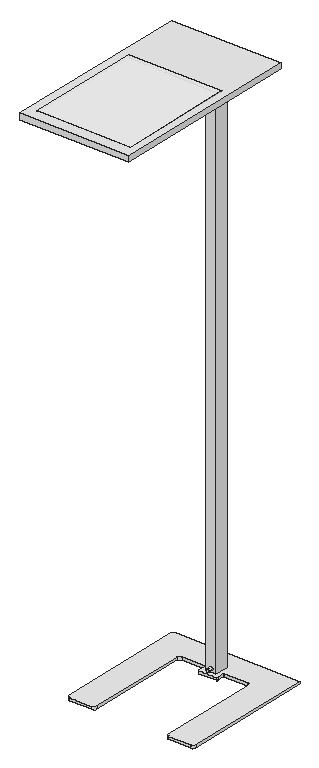
Revit family "0060798 Sylvania Lighting Fixture FREEOFFICE DIRECT INDIRECT 14KLM PIR WHITE EC", category Lighting Fixtures, host Face, Revit 2016
Family settings
  Host = Face
  Part Type = Normal
  Round Connector Dimension = Use Diameter
  OmniClass Number = 23.80.70.11.17
  OmniClass Title = Specialized Lighting by Location or Use
  Cut with Voids When Loaded = No
  Light Source = Yes
  Shared = No
  Room Calculation Point = No
Parameters (values of type "0060798 FREEOFFICE D/I 14 PIR WHITE EC")
  Weight = "22.8 kg"
  Wattage = 107 W
  WarrantyStartDate [instance] = "n/a"
  WarrantyGuarantorParts = "n/a"
  WarrantyDurationUnit = "n/a"
  WarrantyDurationParts = "n/a"
  WarrantyDescription = "n/a"
  built-in parameter 1150110 = 1 (stored number, unit not read)
  Voltage = 230 V
  TypeName = "FREEOFFICE DIRECT/INDIRECT 14KLM PIR WHITE EC"
  built-in parameter 1114217 = 1 (stored number, unit not read)
  Tilt Angle = -90°
  built-in parameter 1150109 = 1 (stored number, unit not read)
  built-in parameter 1150134 = 12
  built-in parameter 1150113 = 1 (stored number, unit not read)
  SerialNumber [instance] = "n/a"
  Radius_FEILO = 165.0 mm
  URL = "http://www.sylvania-lighting.com"
  PowerFactor = 0.98
  PowerConsumption = "107 W"
  Photometric Web File = "0060798.ies"
  PIR_SYL = yes
  NominalWidth = 0.0 mm
  NominalLength = 690.0 mm
  NominalHeight = 2030.0 mm
  Name = "FREEOFFICE DIRECT/INDIRECT 14KLM PIR WHITE EC"
  ModelReference = "FREEOFFICE DIRECT/INDIRECT 14KLM PIR WHITE EC"
  ModelNumber = "0060798"
  Material_3_SYL = Body-Sylvania-FreeOffice-BLK
  Material_2_SYL = Polycarbonate_Sylvania_Sylcircle_Opal
  Material_1_SYL = Body-Sylvania-FreeOffice-WH
  Material = "head and pole : powder coated aluminium. stand: powder coated steel housing, pmma diffuser"
  ManufacturerName = "Feilo Sylvania"
  LuminousEfficacy = "132 lm/W"
  built-in parameter 1150105 = 4275.8 (stored number, unit not read)
  Lumens = 14124 lm
  LuminaireType = ""
  built-in parameter 1150115 = 1 (stored number, unit not read)
  LightOutputRatio = "n/a"
  built-in parameter 1150137 = (empty or 0)
  built-in parameter 1150139 = (empty or 0)
  LampsType = Lamp  # "LED"
  LampNominalLuminous = "14100 lm"
  LampMacAdamStep = "3"
  LampColourTemperature = "4000 K"
  LampColourRenderingIndex = "80"
  built-in parameter 1150112 = 1 (stored number, unit not read)
  built-in parameter 1150114 = 1 (stored number, unit not read)
  Keynote = "16500"
  InstallationDate [instance] = "n/a"
  InputVoltage = "220-240V~"
  InputNominalFrequency = "50/60 Hz"
  built-in parameter 1150132 = (empty or 0)
  built-in parameter 1150102 = (empty or 0)
  built-in parameter 1150107 = 4000 (stored number, unit not read)
  built-in parameter 1150138 = (empty or 0)
  IngressProtection = "IP20"
  ImpactProtectionIndex = "IK02"
  built-in parameter 1150106 = 42.758 (stored number, unit not read)
  IfcExportType = "IfcLightFixtureType"
  IfcExportAs = "IfcLightFixtureType"
  Height_FEILO = 96.0 mm
  ExpectedLife = 50000
  Emit from Rectangle Width = 340.1 mm
  Emit from Rectangle Length = 564.6 mm
  Emit Shape Visible in Rendering = no
  ElectricShockClassification = "Class I"
  built-in parameter 1150104 = 12.263 (stored number, unit not read)
  DurationUnit = "hours"
  DocumentationLiterature = "http://www.sylvania-lighting.com/product/en-int/products/0060798"
  DimmingControlOptions = "Dimmable"
  Dimming Lamp Color Temperature Shift = <None>
  Diameter_FEILO = 2 * Radius_FEILO  # 330.0 mm
  CreatedOn = "12/5/2018"
  CreatedBy = "@sylvania-lighting.com"
  Color Filter = 16777215
  built-in parameter 1114216 [instance] = 1 (stored number, unit not read)
  Model = "FREEOFFICE DIRECT/INDIRECT 14KLM PIR WHITE EC"
  Manufacturer = "Feilo Sylvania"
  Lamp = "LED"
  Description = "FREEOFFICE DIRECT/INDIRECT 14KLM PIR WHITE EC is a highly efficient free-standing floor lamp providing optimal illumination for single and twin workstations. 80% uplight and 20% downlight ratio for ambient and task lighting from a single luminaire. Microprismatic PMMA optics for advanced glare control. White RAL9010 powder coated luminaire body. Aluminium head and pole for high-quality appearance, steel stand for higher stability. Luminaire dimensions: Head: 690x397x25mm, Stand: 480x460x16mm, Pole: 55x35x2030mm. Operated and dimmed with a push button located in the pole at a height suitable to be used with adjustable height desks. Equipped with presence and daylight sensor. Up and downlight dims together. 4000K Neutral White LED, CRI>80, chromaticity tolerance: SDCM<3. Luminous flux: 14100lm. Power consumption 107W. Luminaire efficacy: 132lm/W. Lumen maintenance: L80B50=55000h. UGR<16, Luminance at 65°<3000 cd/m2. IK02, IP20. Photobiological safety risk group 0. Electrical protection: Class I. Glow wire test: 650°C. Supplied with 3m cable with DIN 49441-R2 plug."
  Default Elevation = 0.0 mm
  built-in parameter 1140040 [instance] = 1
  BarCode [instance] = "n/a"
  built-in parameter 1114218 = 1 (stored number, unit not read)
  built-in parameter 1150133 = 10 (stored number, unit not read)
  AssetType = "Fixed"
  AssetIdentifier [instance] = "n/a"
  Assembly Code = "D5020200"
  Apparent Load = 107 VA
Reference planes
  plane 1 "Center (Front/Back)": y = 0
  plane 2: z = 0
  plane 3 "Center (Left/Right)": x = 0
  plane 4: z = 2030
  plane 5: x = 230
  plane 6: x = -230
  plane 7: x = 18
  plane 8: x = -18
  plane 9: x = -198.5
  plane 10: x = 198.5
  plane 11: y = 25
  plane 12: y = -25
  plane 13: y = -390.174
  plane 14: y = 89.826
  plane 15: y = -645
  plane 16: y = 44
  plane 17: z = 9
  plane 18: z = 2010
  plane 19: y = -187.327
  plane 20: y = -603.8
  plane 21: x = -170.03
  plane 22: x = 170.03
  plane 23: y = -39.174
  plane 24: z = 2020
  plane 25: x = 130
  plane 26: x = -130
  plane 27: y = -10.174
  plane 28: x = 34
  plane 29: x = -34
  plane 30: y = -39.174
  plane 31: y = -321.487
  plane 32: z = 21
  plane 33: y = -624.4
  plane 34: z = 2009
Forms (mm)
  Extrusion 1, solid, material "Body-Sylvania-FreeOffice-WH" <- "Material_1_SYL"
    sketch origin (-1380.213, -4572, 2010) x (-1, 0, 0) y (0, -1, 0)
      loop
        line (-1181.713, -3927) -> (-1578.713, -3927) -> (-1578.713, -4616) -> (-1181.713, -4616) -> (-1181.713, -3927)
    from 0 to 20
  Extrusion 2, void
    sketch origin (-1380.213, -4572, 2030) x (0, -1, 0) y (-1, 0, 0)
      loop
        line (-4384.673, -1210.183) -> (-4384.673, -1550.243) -> (-3968.2, -1550.243) -> (-3968.2, -1210.183) -> (-4384.673, -1210.183)
    from 0 to 20
  Extrusion 3, void
    sketch origin (-1380.213, -4572, 2010) x (0, -1, 0) y (-1, 0, 0)
      loop
        line (-3968.2, -1210.183) -> (-4532.826, -1210.183) -> (-4532.826, -1550.243) -> (-3968.2, -1550.243) -> (-3968.2, -1210.183)
    from 0 to -10
  Extrusion 4, solid, material "Body-Sylvania-FreeOffice-WH" <- "Material_1_SYL"
    sketch origin (0, 0, 0) x (1, 0, 0) y (0, 1, 0)
      loop
        line (-230, 79.826) -> (-230, -380.174)
        arc (-230, -380.174) -> (-227.071, -387.245) -> (-220, -390.174) r 10
        line (-220, -390.174) -> (-140, -390.174)
        arc (-140, -390.174) -> (-132.929, -387.245) -> (-130, -380.174) r 10
        line (-130, -380.174) -> (-130, -20.174)
        arc (-130, -20.174) -> (-127.071, -13.103) -> (-120, -10.174) r 10
        line (-120, -10.174) -> (-36, -10.174)
        arc (-36, -10.174) -> (-34.586, -10.76) -> (-34, -12.174) r 2
        line (-34, -12.174) -> (-34, -37.174)
        arc (-34, -37.174) -> (-33.414, -38.588) -> (-32, -39.174) r 2
        line (-32, -39.174) -> (32, -39.174)
        arc (32, -39.174) -> (33.414, -38.588) -> (34, -37.174) r 2
        line (34, -37.174) -> (34, -12.174)
        arc (34, -12.174) -> (34.586, -10.76) -> (36, -10.174) r 2
        line (36, -10.174) -> (120, -10.174)
        arc (120, -10.174) -> (127.071, -13.103) -> (130, -20.174) r 10
        line (130, -20.174) -> (130, -380.174)
        arc (130, -380.174) -> (132.929, -387.245) -> (140, -390.174) r 10
        line (140, -390.174) -> (220, -390.174)
        arc (220, -390.174) -> (227.071, -387.245) -> (230, -380.174) r 10
        line (230, -380.174) -> (230, 89.826) -> (-220, 89.826)
        arc (-220, 89.826) -> (-227.071, 86.897) -> (-230, 79.826) r 10
    from 0 to 9
  Extrusion 5, solid, material "Body-Sylvania-FreeOffice-WH" <- "Material_1_SYL"
    sketch origin (645.563, -4597, 9) x (0, -1, 0) y (-1, 0, 0)
      loop
        line (-4622, 663.563) -> (-4622, 627.563) -> (-4572, 627.563) -> (-4572, 663.563) -> (-4622, 663.563)
    from 0 to -2001
  Extrusion 6, solid, material "Body-Sylvania-FreeOffice-WH" <- "Material_1_SYL"
    sketch origin (747.1, -25, 1219.2) x (1, 0, 0) y (0, 0, 1)
      loop
        circle (-747.1, -1198.2) r 5
    from 0 to 14.174
  Extrusion 7, solid, material "Polycarbonate_Sylvania_Sylcircle_Opal" <- "Material_2_SYL"
    sketch origin (-1380.213, -4572, 2030) x (-1, 0, 0) y (0, -1, 0)
      loop
        line (-1550.243, -3968.2) -> (-1550.243, -4384.673) -> (-1210.183, -4384.673) -> (-1210.183, -3968.2) -> (-1550.243, -3968.2)
    from 0 to -10
  Extrusion 8, solid, material "Polycarbonate_Sylvania_Sylcircle_Opal" <- "Material_2_SYL"
    sketch origin (-1380.213, -4572, 2010) x (-1, 0, 0) y (0, -1, 0)
      loop
        line (-1210.183, -4532.826) -> (-1210.183, -3968.2) -> (-1550.243, -3968.2) -> (-1550.243, -4532.826) -> (-1210.183, -4532.826)
    from 0 to 10
  Revolve 9, solid, material "Body-Sylvania-FreeOffice-BLK" <- "Material_3_SYL", visible <- "PIR_SYL"
    sketch origin (747.1, -624.4, 1219.2) x (1, 0, 0) y (0, 0, 1)
      loop
        line (-757.1, 789.8) -> (-754.426, 789.8)
        arc (-754.426, 789.8) -> (-751.007, 787.781) -> (-747.1, 787.079) r 11.221
        line (-747.1, 787.079) -> (-747.1, 790.8) -> (-757.1, 790.8) -> (-757.1, 789.8)
      axis (-747.1, 790.8) -> (-747.1, 787.079)
    angle from 0 to 360
Cuts and joins
  Extrusion 2, Extrusion 3 cuts Extrusion 1
Lines and regions (mm)
  reference lines
    curve 1: circle (0, 0, 21) r 5 normal (0, -1, 0)
    curve 2: circle (0, -624.4, 2010) r 10 normal (0, 0, 1)
Dimensions and locks
  equal spacing: plane 12, plane 1 "Center (Front/Back)", plane 11
  locked: plane 12 to plane 11 at 50
  equal spacing: plane 8, plane 3 "Center (Left/Right)", plane 7
  plane 8 to plane 7 = 36.0 mm
  equal spacing: plane 9, plane 3 "Center (Left/Right)", plane 10
  plane 9 to plane 10 = 397.0 mm
  equal spacing: plane 6, plane 3 "Center (Left/Right)", plane 5
  locked: plane 6 to plane 5 at 460
  locked: plane 4 to plane 2 at 2030
  locked: plane 13 to plane 1 "Center (Front/Back)" at 390.174
  locked: plane 13 to plane 14 at 480
  locked: plane 15 to plane 1 "Center (Front/Back)" at 645
  locked: plane 15 to plane 16 at 689
  locked: plane 17 to plane 2 at 9
  locked: plane 4 to plane 18 at 20
  locked: plane 19 to plane 1 "Center (Front/Back)" at 187.327
  locked: plane 20 to plane 19 at 416.473
  equal spacing: plane 21, plane 3 "Center (Left/Right)", plane 22
  plane 21 to plane 22 = 340.059 mm
  locked: plane 20 to plane 23 at 564.626
  equal spacing: plane 4, plane 24, plane 18
  equal spacing: plane 26, plane 3 "Center (Left/Right)", plane 25
  locked: plane 26 to plane 25 at 260
  locked: plane 27 to plane 14 at 100
  equal spacing: plane 29, plane 3 "Center (Left/Right)", plane 28
  locked: plane 29 to plane 28 at 68
  locked: plane 30 to plane 27 at 29
  equal spacing: plane 20, plane 31, plane 23
  locked: plane 32 to host face at 21
  equal spacing: plane 15, plane 33, plane 20
  locked: Revolve 9 sketch curve to plane 18 at 7.5
  locked: plane 18 to plane 34 at 1
  radius of curve 2 = 10.0 mm
  aligned and locked: plane 2 to host face
  aligned and locked: level to host face
  aligned and locked: plane 15 to Extrusion 1 sketch curve
  aligned and locked: Extrusion 1 sketch curve to plane 9
  aligned and locked: Extrusion 1 sketch curve to plane 16
  aligned and locked: plane 10 to Extrusion 1 sketch curve
  aligned and locked: plane 4 to Extrusion 1
  aligned and locked: Extrusion 1 to plane 18
  aligned and locked: Extrusion 2 sketch curve to plane 19
  aligned and locked: plane 20 to Extrusion 2 sketch curve
  aligned and locked: Extrusion 2 to plane 18
  aligned and locked: plane 4 to Extrusion 2
  aligned and locked: plane 21 to Extrusion 2 sketch curve
  aligned and locked: plane 22 to Extrusion 2 sketch curve
  aligned and locked: Extrusion 3 sketch curve to cut or joined group of Extrusion 1, Extrusion 2, Extrusion 3  (x2)
  aligned and locked: plane 23 to Extrusion 3 sketch curve
  aligned and locked: plane 22 to Extrusion 3 sketch curve
  aligned and locked: Extrusion 3 to plane 18
  aligned and locked: plane 24 to Extrusion 3
  aligned and locked: Extrusion 4 sketch curve to plane 14
  aligned and locked: Extrusion 4 sketch curve to plane 6
  aligned and locked: plane 13 to Extrusion 4 sketch curve  (x2)
  aligned and locked: Extrusion 4 sketch curve to plane 26
  aligned and locked: Extrusion 4 sketch curve to plane 25
  aligned and locked: plane 5 to Extrusion 4 sketch curve
  aligned and locked: plane 29 to Extrusion 4 sketch curve
  aligned and locked: plane 30 to Extrusion 4 sketch curve
  aligned and locked: Extrusion 4 sketch curve to plane 28
  aligned and locked: Extrusion 4 sketch curve to plane 27
  aligned and locked: Extrusion 4 to plane 17
  aligned and locked: Extrusion 4 to level
  aligned and locked: Extrusion 5 sketch curve to plane 8
  aligned and locked: plane 7 to Extrusion 5 sketch curve
  aligned and locked: plane 18 to Extrusion 5
  aligned and locked: plane 11 to Extrusion 5 sketch curve
  aligned and locked: Extrusion 5 sketch curve to plane 12
  aligned and locked: plane 24 to imposter light
  aligned and locked: imposter light to plane 3 "Center (Left/Right)"
  aligned and locked: imposter light to plane 31
  aligned and locked: Extrusion 6 sketch curve to curve 1
  aligned and locked: Extrusion 6 to plane 12
  aligned and locked: Extrusion 6 to cut or joined group of Extrusion 1, Extrusion 2, Extrusion 3
  aligned and locked: Extrusion 7 sketch curve to cut or joined group of Extrusion 1, Extrusion 2, Extrusion 3  (x4)
  aligned and locked: Extrusion 7 to plane 4
  aligned and locked: Extrusion 7 to cut or joined group of Extrusion 1, Extrusion 2, Extrusion 3
  aligned and locked: Extrusion 8 sketch curve to cut or joined group of Extrusion 1, Extrusion 2, Extrusion 3  (x4)
  aligned and locked: Extrusion 8 to cut or joined group of Extrusion 1, Extrusion 2, Extrusion 3
  aligned and locked: Extrusion 8 to plane 18
  aligned and locked: plane 3 "Center (Left/Right)" to curve 2
  aligned and locked: plane 33 to curve 2
  aligned and locked: plane 3 "Center (Left/Right)" to Revolve 9 sketch curve  (x2)
  aligned and locked: Revolve 9 sketch curve to plane 3 "Center (Left/Right)"
  aligned and locked: Revolve 9 sketch curve to plane 34
Automatic sketch dimensions
  host sketch curve to host sketch curve = 1305.563 mm
  host sketch curve to host sketch curve = 1283.632 mm
  plane 27 to Extrusion 4 sketch curve = 0.0 mm
  plane 6 to Extrusion 4 sketch curve = 10.0 mm  (x2)
  Extrusion 4 sketch curve to plane 13 = 10.0 mm
  Extrusion 4 sketch curve to plane 26 = 10.0 mm
  Extrusion 4 sketch curve to Extrusion 4 sketch curve = 2.0 mm
  plane 29 to Extrusion 4 sketch curve = 2.0 mm
  Extrusion 4 sketch curve to plane 28 = 2.0 mm
  plane 28 to Extrusion 4 sketch curve = 2.0 mm
  Extrusion 4 sketch curve to plane 25 = 10.0 mm
  Extrusion 4 sketch curve to Extrusion 4 sketch curve = 10.0 mm
  Extrusion 4 sketch curve to plane 5 = 10.0 mm
  curve 1 to plane 3 "Center (Left/Right)" = 0.0 mm
  curve 1 to plane 32 = 0.0 mm
  Revolve 9 sketch curve to plane 18 = 0.0 mm
  Revolve 9 sketch curve to plane 3 "Center (Left/Right)" = 7.326 mm
  Revolve 9 sketch curve to Revolve 9 sketch curve = 2.674 mm
  Revolve 9 sketch curve to level = 94.652 mm
  plane 4 to Revolve 9 sketch curve = 432.257 mm
  radius of curve 1 = 5.0 mm
Connectors
  electrical at (0, -39.174, 21), driven by "PowerFactor", driven by "Voltage", driven by "Apparent Load", driven by "Apparent Load"
    settings: on Extrusion 6, index 1, voltage 230 V, apparent load 107 VA, apparent load phase1 107 VA, apparent load phase2 0 VA, apparent load phase3 0 VA, power factor 0.98, load classification "Other", number of poles 1, system type 30, power factor state 1, is connector primary yes, connector utility no, sub classification motor no, connector description ""
